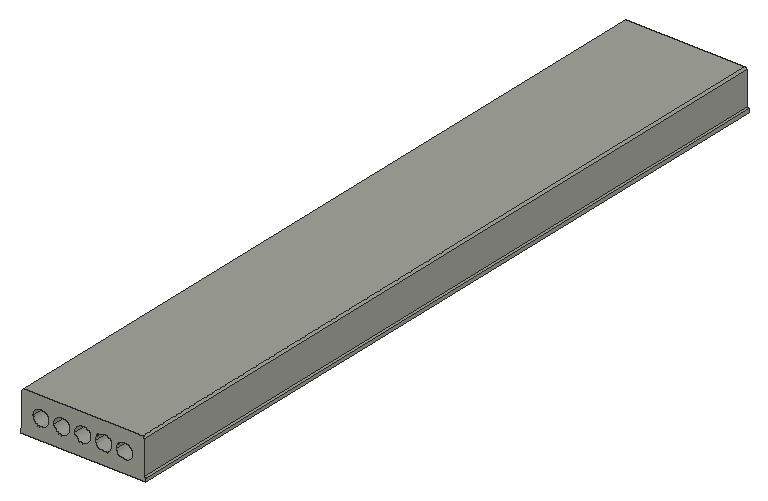
Revit family "Laje_Alveolar_40", category Structural Framing, Revit 2025
Family settings
  Structural Framing Length Roundoff = 0.000 m
  Section Shape = Not Defined
  Material for Model Behavior = Other
  Always export as geometry = No
  Work Plane-Based = No
  Always vertical = Yes
  Cut with Voids When Loaded = No
  Symbolic Representation = From Family
  Shared = No
  Show family pre-cut in plan views = Yes
Parameters (values of type "LAJ_125x040_CON_PRO_ALV")
  Structural Material [instance] = CT_Concreto
  Material_Laje_Alveolar = CT_Concreto
  Laje_alv_Vao [instance] = 7.500 m
  Laje_alv_Raio = Laje_alv_Altura / 5  # 0.080 m
  Laje_alv_Largura = 1.250 m
  Laje_alv_Altura = 0.400 m
Reference planes (m)
  plane 1 "Center (Front/Back)": y = 0
  plane 2: z = 0
  plane 3 "Center (Left/Right)": x = 0
  plane 4: z = -0.4
  plane 5: x = 1.25
  plane 6: z = -0.2
  plane 7: x = 0.208333
  plane 8: x = 0.416667
  plane 9: x = 0.625
  plane 10: x = 0.833333
  plane 11: x = 1.041667
  plane 12: y = 7.5
Forms (m)
  Extrusion 1, solid, material "CT_Concreto" <- "Material_Laje_Alveolar"
    sketch origin (0, 0, 0) x (1, 0, 0) y (0, 0, 1)
      loop
        line (0.035, 0) -> (0.014142, -0.020858) -> (0.014142, -0.355858) -> (0, -0.37) -> (0, -0.4) -> (1.25, -0.4) -> (1.25, -0.37) -> (1.235858, -0.355858) -> (1.235858, -0.020858) -> (1.215, 0) -> (0.035, 0)
      loop
        circle (0.208333, -0.2) r 0.08
      loop
        circle (0.416667, -0.2) r 0.08
      loop
        circle (0.625, -0.2) r 0.08
      loop
        circle (0.833333, -0.2) r 0.08
      loop
        circle (1.041667, -0.2) r 0.08
    from 0 to -7.5
Dimensions and locks (m)
  "Laje_alv_Altura": plane 2 to plane 4
  "Laje_alv_Largura": plane 5 to plane 3 "Center (Left/Right)"
  "Laje_alv_Vao": plane 12 to plane 1 "Center (Front/Back)"
  equal spacing: level, plane 6, plane 4
  equal spacing: plane 5, plane 11, plane 10, plane 9, plane 8, plane 7, plane 3 "Center (Left/Right)"
  "Laje_alv_Raio": radius of Extrusion 1 sketch curve  (x5)
  aligned and locked: level to plane 2
  aligned and locked: Extrusion 1 sketch curve to plane 2
  aligned and locked: plane 3 "Center (Left/Right)" to Extrusion 1 sketch curve
  aligned and locked: plane 4 to Extrusion 1 sketch curve
  aligned and locked: plane 12 to Extrusion 1
Automatic sketch dimensions
  Extrusion 1 sketch curve to plane 6 = 0.000 m  (x5)
  Extrusion 1 sketch curve to plane 7 = 0.000 m
  Extrusion 1 sketch curve to plane 8 = 0.000 m
  Extrusion 1 sketch curve to plane 9 = 0.000 m
  Extrusion 1 sketch curve to plane 10 = 0.000 m
  Extrusion 1 sketch curve to plane 11 = 0.000 m
  plane 5 to Extrusion 1 sketch curve = 0.000 m
  plane 3 "Center (Left/Right)" to Extrusion 1 sketch curve = 0.014142 m
  Extrusion 1 sketch curve to Extrusion 1 sketch curve = 0.020858 m
  Extrusion 1 sketch curve to plane 5 = 0.035 m
  Extrusion 1 sketch curve to plane 5 = 0.014142 m
  Extrusion 1 sketch curve to Extrusion 1 sketch curve = 0.030 m  (x2)
  Extrusion 1 sketch curve to Extrusion 1 sketch curve = 0.014142 m  (x2)
  Extrusion 1 sketch curve to level = 0.020858 m  (x2)
